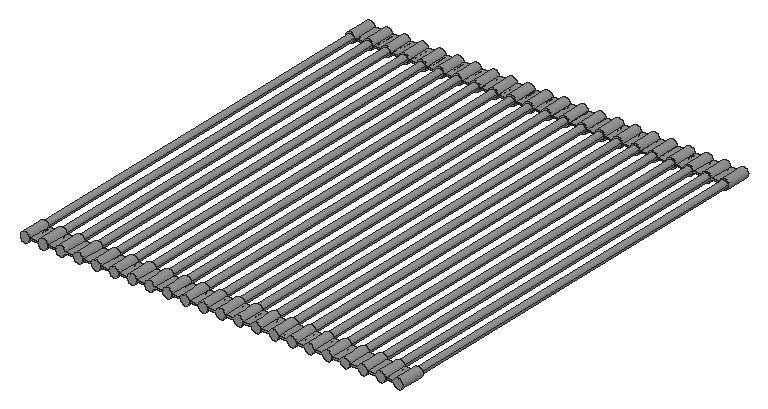
Revit family "ALMA-Zander_Roll_Mat", category Specialty Equipment, Revit 2026
Family settings
  Round Connector Dimension = Use Diameter
  Part Type = Normal
  Work Plane-Based = No
  Enable Cutting in Views = Yes
  Always vertical = Yes
  Cut with Voids When Loaded = No
  Maintain Annotation Orientation = No
  Shared = No
  Room Calculation Point = No
Parameters (values of type "GUNMETAL (KAGM004)")
  Width = 400 mm
  Thickness = 10 mm
  RollMat_Material = BM_GUNMETAL
  Length = 450 mm
  Grip_Material = BM_MATTE BLACK
  Default Elevation = 0 mm
Types (4, lengths in mm): name | RollMat_Material
  (no name) | BM_GUNMETAL
  STAINLESS STEEL (KACR001) | BM_STAINLESS STEEL
  BRASS GOLD (KAGD002) | BM_BRASS GOLD
  GUNMETAL (KAGM004) | BM_GUNMETAL
Reference planes
  plane 1 "Center (Front/Back)": y = 0
  plane 2: z = 0
  plane 3 "Center (Left/Right)": x = 0
  plane 4: y = 225
  plane 5: y = -225
  plane 6: x = -200
  plane 7: x = 200
  plane 8: z = 5
  plane 9: z = -5
  plane 10: y = -200
  plane 11: y = 200
Forms (mm)
  Extrusion 1, solid, material "BM_GUNMETAL" <- "RollMat_Material"
    sketch origin (190.94, -25, 0) x (1, 0, 0) y (0, 0, 1)
      loop
        circle (-200.19, 0) r 3.5
    from -225 to 175
  Extrusion 2, solid, material "BM_GUNMETAL" <- "RollMat_Material"
    sketch origin (5.19, -25, 0) x (1, 0, 0) y (0, 0, 1)
      loop
        circle (-200.19, 0) r 3.5
    from -225 to 175
  Extrusion 3, solid, material "BM_GUNMETAL" <- "RollMat_Material"
    sketch origin (23.762, -25, 0) x (1, 0, 0) y (0, 0, 1)
      loop
        circle (-200.19, 0) r 3.5
    from -225 to 175
  Extrusion 4, solid, material "BM_GUNMETAL" <- "RollMat_Material"
    sketch origin (42.333, -25, 0) x (1, 0, 0) y (0, 0, 1)
      loop
        circle (-200.19, 0) r 3.5
    from -225 to 175
  Extrusion 5, solid, material "BM_GUNMETAL" <- "RollMat_Material"
    sketch origin (60.904, -25, 0) x (1, 0, 0) y (0, 0, 1)
      loop
        circle (-200.19, 0) r 3.5
    from -225 to 175
  Extrusion 6, solid, material "BM_GUNMETAL" <- "RollMat_Material"
    sketch origin (79.476, -25, 0) x (1, 0, 0) y (0, 0, 1)
      loop
        circle (-200.19, 0) r 3.5
    from -225 to 175
  Extrusion 7, solid, material "BM_GUNMETAL" <- "RollMat_Material"
    sketch origin (98.047, -25, 0) x (1, 0, 0) y (0, 0, 1)
      loop
        circle (-200.19, 0) r 3.5
    from -225 to 175
  Extrusion 8, solid, material "BM_GUNMETAL" <- "RollMat_Material"
    sketch origin (116.619, -25, 0) x (1, 0, 0) y (0, 0, 1)
      loop
        circle (-200.19, 0) r 3.5
    from -225 to 175
  Extrusion 9, solid, material "BM_GUNMETAL" <- "RollMat_Material"
    sketch origin (135.19, -25, 0) x (1, 0, 0) y (0, 0, 1)
      loop
        circle (-200.19, 0) r 3.5
    from -225 to 175
  Extrusion 10, solid, material "BM_GUNMETAL" <- "RollMat_Material"
    sketch origin (153.762, -25, 0) x (1, 0, 0) y (0, 0, 1)
      loop
        circle (-200.19, 0) r 3.5
    from -225 to 175
  Extrusion 11, solid, material "BM_GUNMETAL" <- "RollMat_Material"
    sketch origin (172.333, -25, 0) x (1, 0, 0) y (0, 0, 1)
      loop
        circle (-200.19, 0) r 3.5
    from -225 to 175
  Extrusion 12, solid, material "BM_GUNMETAL" <- "RollMat_Material"
    sketch origin (209.476, -25, 0) x (1, 0, 0) y (0, 0, 1)
      loop
        circle (-200.19, 0) r 3.5
    from -225 to 175
  Extrusion 13, solid, material "BM_GUNMETAL" <- "RollMat_Material"
    sketch origin (228.047, -25, 0) x (1, 0, 0) y (0, 0, 1)
      loop
        circle (-200.19, 0) r 3.5
    from -225 to 175
  Extrusion 14, solid, material "BM_GUNMETAL" <- "RollMat_Material"
    sketch origin (246.619, -25, 0) x (1, 0, 0) y (0, 0, 1)
      loop
        circle (-200.19, 0) r 3.5
    from -225 to 175
  Extrusion 15, solid, material "BM_GUNMETAL" <- "RollMat_Material"
    sketch origin (265.19, -25, 0) x (1, 0, 0) y (0, 0, 1)
      loop
        circle (-200.19, 0) r 3.5
    from -225 to 175
  Extrusion 16, solid, material "BM_GUNMETAL" <- "RollMat_Material"
    sketch origin (283.762, -25, 0) x (1, 0, 0) y (0, 0, 1)
      loop
        circle (-200.19, 0) r 3.5
    from -225 to 175
  Extrusion 17, solid, material "BM_GUNMETAL" <- "RollMat_Material"
    sketch origin (302.333, -25, 0) x (1, 0, 0) y (0, 0, 1)
      loop
        circle (-200.19, 0) r 3.5
    from -225 to 175
  Extrusion 18, solid, material "BM_GUNMETAL" <- "RollMat_Material"
    sketch origin (320.904, -25, 0) x (1, 0, 0) y (0, 0, 1)
      loop
        circle (-200.19, 0) r 3.5
    from -225 to 175
  Extrusion 19, solid, material "BM_GUNMETAL" <- "RollMat_Material"
    sketch origin (339.476, -25, 0) x (1, 0, 0) y (0, 0, 1)
      loop
        circle (-200.19, 0) r 3.5
    from -225 to 175
  Extrusion 20, solid, material "BM_GUNMETAL" <- "RollMat_Material"
    sketch origin (358.047, -25, 0) x (1, 0, 0) y (0, 0, 1)
      loop
        circle (-200.19, 0) r 3.5
    from -225 to 175
  Extrusion 21, solid, material "BM_GUNMETAL" <- "RollMat_Material"
    sketch origin (376.619, -25, 0) x (1, 0, 0) y (0, 0, 1)
      loop
        circle (-200.19, 0) r 3.5
    from -225 to 175
  Extrusion 22, solid, material "BM_GUNMETAL" <- "RollMat_Material"
    sketch origin (395.19, -25, 0) x (1, 0, 0) y (0, 0, 1)
      loop
        circle (-200.19, 0) r 3.5
    from -225 to 175
  Extrusion 23, solid, material "BM_MATTE BLACK" <- "Grip_Material"
    sketch origin (0, 0, 0) x (1, 0, 0) y (0, 0, 1)
      loop
        arc (-190.059, 0.7) -> (-200, 0) -> (-190.059, -0.7) r 4.995
        line (-190.059, -0.7) -> (-181.379, -0.7)
        arc (-181.379, -0.7) -> (-176.433, -4.995) -> (-171.487, -0.7) r 4.995
        line (-171.487, -0.7) -> (-162.808, -0.7)
        arc (-162.808, -0.7) -> (-157.862, -4.995) -> (-152.916, -0.7) r 4.995
        line (-152.916, -0.7) -> (-144.227, -0.7)
        arc (-144.227, -0.7) -> (-139.281, -4.995) -> (-134.335, -0.7) r 4.995
        line (-134.335, -0.7) -> (-125.655, -0.7)
        arc (-125.655, -0.7) -> (-120.709, -4.995) -> (-115.764, -0.7) r 4.995
        line (-115.764, -0.7) -> (-107.074, -0.7)
        arc (-107.074, -0.7) -> (-102.128, -4.995) -> (-97.182, -0.7) r 4.995
        line (-97.182, -0.7) -> (-88.503, -0.7)
        arc (-88.503, -0.7) -> (-83.557, -4.995) -> (-78.611, -0.7) r 4.995
        line (-78.611, -0.7) -> (-69.955, -0.7)
        arc (-69.955, -0.7) -> (-65, -5.034) -> (-60.045, -0.7) r 5
        line (-60.045, -0.7) -> (-51.384, -0.7)
        arc (-51.384, -0.7) -> (-46.446, -5.034) -> (-41.478, -0.734) r 5
        line (-41.478, -0.734) -> (-32.808, -0.734)
        arc (-32.808, -0.734) -> (-27.84, -5.034) -> (-22.902, -0.7) r 5
        line (-22.902, -0.7) -> (-14.241, -0.7)
        arc (-14.241, -0.7) -> (-9.286, -5.034) -> (-4.33, -0.7) r 5
        line (-4.33, -0.7) -> (4.33, -0.7)
        arc (4.33, -0.7) -> (9.286, -5.034) -> (14.241, -0.7) r 5
        line (14.241, -0.7) -> (22.902, -0.7)
        arc (22.902, -0.7) -> (27.857, -5.034) -> (32.812, -0.7) r 5
        line (32.812, -0.7) -> (41.473, -0.7)
        arc (41.473, -0.7) -> (46.429, -5.034) -> (51.384, -0.7) r 5
        line (51.384, -0.7) -> (60.045, -0.7)
        arc (60.045, -0.7) -> (65.017, -5.034) -> (69.96, -0.666) r 5
        line (69.96, -0.666) -> (78.612, -0.666)
        arc (78.612, -0.666) -> (83.554, -5.034) -> (88.527, -0.7) r 5
        line (88.527, -0.7) -> (97.188, -0.7)
        arc (97.188, -0.7) -> (102.143, -5.034) -> (107.098, -0.7) r 5
        line (107.098, -0.7) -> (115.759, -0.7)
        arc (115.759, -0.7) -> (120.714, -5.034) -> (125.67, -0.7) r 5
        line (125.67, -0.7) -> (134.33, -0.7)
        arc (134.33, -0.7) -> (139.286, -5.034) -> (144.241, -0.7) r 5
        line (144.241, -0.7) -> (152.902, -0.7)
        arc (152.902, -0.7) -> (157.857, -5.034) -> (162.812, -0.7) r 5
        line (162.812, -0.7) -> (171.473, -0.7)
        arc (171.473, -0.7) -> (176.429, -5.034) -> (181.384, -0.7) r 5
        line (181.384, -0.7) -> (190.045, -0.7)
        arc (190.045, -0.7) -> (200, -0.069) -> (190.054, 0.7) r 5
        line (190.054, 0.7) -> (181.374, 0.7)
        arc (181.374, 0.7) -> (176.429, 4.966) -> (171.483, 0.7) r 5
        line (171.483, 0.7) -> (162.803, 0.7)
        arc (162.803, 0.7) -> (157.857, 4.966) -> (152.911, 0.7) r 5
        line (152.911, 0.7) -> (144.231, 0.7)
        arc (144.231, 0.7) -> (139.286, 4.966) -> (134.34, 0.7) r 5
        line (134.34, 0.7) -> (125.66, 0.7)
        arc (125.66, 0.7) -> (120.714, 4.966) -> (115.769, 0.7) r 5
        line (115.769, 0.7) -> (107.089, 0.7)
        arc (107.089, 0.7) -> (102.143, 4.966) -> (97.197, 0.7) r 5
        line (97.197, 0.7) -> (88.517, 0.7)
        arc (88.517, 0.7) -> (83.589, 4.966) -> (78.631, 0.734) r 5
        line (78.631, 0.734) -> (69.94, 0.734)
        arc (69.94, 0.734) -> (64.983, 4.966) -> (60.054, 0.7) r 5
        line (60.054, 0.7) -> (51.374, 0.7)
        arc (51.374, 0.7) -> (46.429, 4.966) -> (41.483, 0.7) r 5
        line (41.483, 0.7) -> (32.803, 0.7)
        arc (32.803, 0.7) -> (27.857, 4.966) -> (22.911, 0.7) r 5
        line (22.911, 0.7) -> (14.231, 0.7)
        arc (14.231, 0.7) -> (9.286, 4.966) -> (4.34, 0.7) r 5
        line (4.34, 0.7) -> (-4.34, 0.7)
        arc (-4.34, 0.7) -> (-9.286, 4.966) -> (-14.231, 0.7) r 5
        line (-14.231, 0.7) -> (-22.911, 0.7)
        arc (-22.911, 0.7) -> (-27.874, 4.966) -> (-32.808, 0.666) r 5
        line (-32.808, 0.666) -> (-41.478, 0.666)
        arc (-41.478, 0.666) -> (-46.411, 4.966) -> (-51.374, 0.7) r 5
        line (-51.374, 0.7) -> (-60.054, 0.7)
        arc (-60.054, 0.7) -> (-65, 4.966) -> (-69.946, 0.7) r 5
        line (-69.946, 0.7) -> (-78.611, 0.7)
        arc (-78.611, 0.7) -> (-83.557, 4.995) -> (-88.503, 0.7) r 4.995
        line (-88.503, 0.7) -> (-97.182, 0.7)
        arc (-97.182, 0.7) -> (-102.128, 4.995) -> (-107.074, 0.7) r 4.995
        line (-107.074, 0.7) -> (-115.764, 0.7)
        arc (-115.764, 0.7) -> (-120.709, 4.995) -> (-125.655, 0.7) r 4.995
        line (-125.655, 0.7) -> (-134.335, 0.7)
        arc (-134.335, 0.7) -> (-139.281, 4.995) -> (-144.227, 0.7) r 4.995
        line (-144.227, 0.7) -> (-152.916, 0.7)
        arc (-152.916, 0.7) -> (-157.862, 4.995) -> (-162.808, 0.7) r 4.995
        line (-162.808, 0.7) -> (-171.487, 0.7)
        arc (-171.487, 0.7) -> (-176.433, 4.995) -> (-181.379, 0.7) r 4.995
        line (-181.379, 0.7) -> (-190.059, 0.7)
    from 200 to 225
  Extrusion 24, solid, material "BM_MATTE BLACK" <- "Grip_Material"
    sketch origin (0, 0, 0) x (1, 0, 0) y (0, 0, -1)
      loop
        line (-190.059, -0.7) -> (-181.379, -0.7)
        arc (-181.379, -0.7) -> (-176.433, -4.995) -> (-171.487, -0.7) r 4.995
        line (-171.487, -0.7) -> (-162.808, -0.7)
        arc (-162.808, -0.7) -> (-157.862, -4.995) -> (-152.916, -0.7) r 4.995
        line (-152.916, -0.7) -> (-144.227, -0.7)
        arc (-144.227, -0.7) -> (-139.281, -4.995) -> (-134.335, -0.7) r 4.995
        line (-134.335, -0.7) -> (-125.655, -0.7)
        arc (-125.655, -0.7) -> (-120.709, -4.995) -> (-115.764, -0.7) r 4.995
        line (-115.764, -0.7) -> (-107.074, -0.7)
        arc (-107.074, -0.7) -> (-102.128, -4.995) -> (-97.182, -0.7) r 4.995
        line (-97.182, -0.7) -> (-88.503, -0.7)
        arc (-88.503, -0.7) -> (-83.557, -4.995) -> (-78.611, -0.7) r 4.995
        line (-78.611, -0.7) -> (-69.946, -0.7)
        arc (-69.946, -0.7) -> (-65, -4.966) -> (-60.054, -0.7) r 5
        line (-60.054, -0.7) -> (-51.374, -0.7)
        arc (-51.374, -0.7) -> (-46.411, -4.966) -> (-41.478, -0.666) r 5
        line (-41.478, -0.666) -> (-32.808, -0.666)
        arc (-32.808, -0.666) -> (-27.874, -4.966) -> (-22.911, -0.7) r 5
        line (-22.911, -0.7) -> (-14.231, -0.7)
        arc (-14.231, -0.7) -> (-9.286, -4.966) -> (-4.34, -0.7) r 5
        line (-4.34, -0.7) -> (4.34, -0.7)
        arc (4.34, -0.7) -> (9.286, -4.966) -> (14.231, -0.7) r 5
        line (14.231, -0.7) -> (22.911, -0.7)
        arc (22.911, -0.7) -> (27.857, -4.966) -> (32.803, -0.7) r 5
        line (32.803, -0.7) -> (41.483, -0.7)
        arc (41.483, -0.7) -> (46.429, -4.966) -> (51.374, -0.7) r 5
        line (51.374, -0.7) -> (60.054, -0.7)
        arc (60.054, -0.7) -> (64.983, -4.966) -> (69.94, -0.734) r 5
        line (69.94, -0.734) -> (78.631, -0.734)
        arc (78.631, -0.734) -> (83.589, -4.966) -> (88.517, -0.7) r 5
        line (88.517, -0.7) -> (97.197, -0.7)
        arc (97.197, -0.7) -> (102.143, -4.966) -> (107.089, -0.7) r 5
        line (107.089, -0.7) -> (115.769, -0.7)
        arc (115.769, -0.7) -> (120.714, -4.966) -> (125.66, -0.7) r 5
        line (125.66, -0.7) -> (134.34, -0.7)
        arc (134.34, -0.7) -> (139.286, -4.966) -> (144.231, -0.7) r 5
        line (144.231, -0.7) -> (152.911, -0.7)
        arc (152.911, -0.7) -> (157.857, -4.966) -> (162.803, -0.7) r 5
        line (162.803, -0.7) -> (171.483, -0.7)
        arc (171.483, -0.7) -> (176.429, -4.966) -> (181.374, -0.7) r 5
        line (181.374, -0.7) -> (190.054, -0.7)
        arc (190.054, -0.7) -> (200, 0.069) -> (190.045, 0.7) r 5
        line (190.045, 0.7) -> (181.384, 0.7)
        arc (181.384, 0.7) -> (176.429, 5.034) -> (171.473, 0.7) r 5
        line (171.473, 0.7) -> (162.812, 0.7)
        arc (162.812, 0.7) -> (157.857, 5.034) -> (152.902, 0.7) r 5
        line (152.902, 0.7) -> (144.241, 0.7)
        arc (144.241, 0.7) -> (139.286, 5.034) -> (134.33, 0.7) r 5
        line (134.33, 0.7) -> (125.67, 0.7)
        arc (125.67, 0.7) -> (120.714, 5.034) -> (115.759, 0.7) r 5
        line (115.759, 0.7) -> (107.098, 0.7)
        arc (107.098, 0.7) -> (102.143, 5.034) -> (97.188, 0.7) r 5
        line (97.188, 0.7) -> (88.527, 0.7)
        arc (88.527, 0.7) -> (83.554, 5.034) -> (78.612, 0.666) r 5
        line (78.612, 0.666) -> (69.96, 0.666)
        arc (69.96, 0.666) -> (65.017, 5.034) -> (60.045, 0.7) r 5
        line (60.045, 0.7) -> (51.384, 0.7)
        arc (51.384, 0.7) -> (46.429, 5.034) -> (41.473, 0.7) r 5
        line (41.473, 0.7) -> (32.812, 0.7)
        arc (32.812, 0.7) -> (27.857, 5.034) -> (22.902, 0.7) r 5
        line (22.902, 0.7) -> (14.241, 0.7)
        arc (14.241, 0.7) -> (9.286, 5.034) -> (4.33, 0.7) r 5
        line (4.33, 0.7) -> (-4.33, 0.7)
        arc (-4.33, 0.7) -> (-9.286, 5.034) -> (-14.241, 0.7) r 5
        line (-14.241, 0.7) -> (-22.902, 0.7)
        arc (-22.902, 0.7) -> (-27.84, 5.034) -> (-32.808, 0.734) r 5
        line (-32.808, 0.734) -> (-41.478, 0.734)
        arc (-41.478, 0.734) -> (-46.446, 5.034) -> (-51.384, 0.7) r 5
        line (-51.384, 0.7) -> (-60.045, 0.7)
        arc (-60.045, 0.7) -> (-65, 5.034) -> (-69.955, 0.7) r 5
        line (-69.955, 0.7) -> (-78.611, 0.7)
        arc (-78.611, 0.7) -> (-83.557, 4.995) -> (-88.503, 0.7) r 4.995
        line (-88.503, 0.7) -> (-97.182, 0.7)
        arc (-97.182, 0.7) -> (-102.128, 4.995) -> (-107.074, 0.7) r 4.995
        line (-107.074, 0.7) -> (-115.764, 0.7)
        arc (-115.764, 0.7) -> (-120.709, 4.995) -> (-125.655, 0.7) r 4.995
        line (-125.655, 0.7) -> (-134.335, 0.7)
        arc (-134.335, 0.7) -> (-139.281, 4.995) -> (-144.227, 0.7) r 4.995
        line (-144.227, 0.7) -> (-152.916, 0.7)
        arc (-152.916, 0.7) -> (-157.862, 4.995) -> (-162.808, 0.7) r 4.995
        line (-162.808, 0.7) -> (-171.487, 0.7)
        arc (-171.487, 0.7) -> (-176.433, 4.995) -> (-181.379, 0.7) r 4.995
        line (-181.379, 0.7) -> (-190.059, 0.7)
        arc (-190.059, 0.7) -> (-200, 0) -> (-190.059, -0.7) r 4.995
    from 200 to 225
Lines and regions (mm)
  symbolic lines
    curve 1: circle (-195, 0, 0) r 5 normal (0, -1, 0)
    curve 2: circle (195, 0, 0) r 5 normal (0, -1, 0)
    curve 3: circle (-176.429, 0, 0) r 5 normal (0, -1, 0)
    curve 4: circle (-157.857, 0, 0) r 5 normal (0, -1, 0)
    curve 5: circle (-139.286, 0, 0) r 5 normal (0, -1, 0)
    curve 6: circle (-120.714, 0, 0) r 5 normal (0, -1, 0)
    curve 7: circle (-102.143, 0, 0) r 5 normal (0, -1, 0)
    curve 8: circle (-83.571, 0, 0) r 5 normal (0, -1, 0)
    curve 9: circle (-65, 0, 0) r 5 normal (0, -1, 0)
    curve 10: circle (-46.429, 0, 0) r 5 normal (0, -1, 0)
    curve 11: circle (-27.857, 0, 0) r 5 normal (0, -1, 0)
    curve 12: circle (-9.286, 0, 0) r 5 normal (0, -1, 0)
    curve 13: circle (9.286, 0, 0) r 5 normal (0, -1, 0)
    curve 14: circle (27.857, 0, 0) r 5 normal (0, -1, 0)
    curve 15: circle (46.429, 0, 0) r 5 normal (0, -1, 0)
    curve 16: circle (65, 0, 0) r 5 normal (0, -1, 0)
    curve 17: circle (83.571, 0, 0) r 5 normal (0, -1, 0)
    curve 18: circle (102.143, 0, 0) r 5 normal (0, -1, 0)
    curve 19: circle (120.714, 0, 0) r 5 normal (0, -1, 0)
    curve 20: circle (139.286, 0, 0) r 5 normal (0, -1, 0)
    curve 21: circle (157.857, 0, 0) r 5 normal (0, -1, 0)
    curve 22: circle (176.429, 0, 0) r 5 normal (0, -1, 0)
Text (mm)
  text "Refer to www.buildmat.com.au for the most current product literature. \nAllow a +/- 5mm tolerance for dimensions shown in the product literature. \nPlease note product details are subject to change due to ongoing product development." at (-11.255, -408.323, 0), in view "Ref. Level"
Dimensions and locks
  "Width": plane 6 to plane 7
  "Length": plane 4 to plane 5
  plane 4 to plane 11 to plane 10 to plane 5 = 25 mm, 400 mm, 25 mm
  equal spacing: group 1, group 3, group 4, group 5, group 6, group 7, group 8, group 9, group 10, group 11, group 12, group 13, group 14, group 15, group 16, group 17, group 18, group 19, group 20, group 21, group 22, group 2  (x3)
  equal spacing: plane 4, plane 1 "Center (Front/Back)", plane 5
  equal spacing: plane 6, plane 3 "Center (Left/Right)", plane 7
  "Thickness": plane 8 to plane 9
  aligned and locked: level to plane 2
Automatic sketch dimensions
  Extrusion 1 sketch curve to level = 0 mm
  Extrusion 1 sketch curve to plane 3 "Center (Left/Right)" = 9.25 mm
  Extrusion 2 sketch curve to level = 0 mm
  plane 6 to Extrusion 2 sketch curve = 5 mm
  Extrusion 3 sketch curve to level = 0 mm
  plane 6 to Extrusion 3 sketch curve = 23.571 mm
  Extrusion 4 sketch curve to level = 0 mm
  plane 6 to Extrusion 4 sketch curve = 42.143 mm
  Extrusion 5 sketch curve to level = 0 mm
  plane 6 to Extrusion 5 sketch curve = 60.714 mm
  Extrusion 6 sketch curve to level = 0 mm
  plane 6 to Extrusion 6 sketch curve = 79.286 mm
  Extrusion 7 sketch curve to level = 0 mm
  plane 6 to Extrusion 7 sketch curve = 97.857 mm
  Extrusion 8 sketch curve to level = 0 mm
  Extrusion 8 sketch curve to plane 3 "Center (Left/Right)" = 83.571 mm
  Extrusion 9 sketch curve to level = 0 mm
  Extrusion 9 sketch curve to plane 3 "Center (Left/Right)" = 65 mm
  Extrusion 10 sketch curve to level = 0 mm
  Extrusion 10 sketch curve to plane 3 "Center (Left/Right)" = 46.429 mm
  Extrusion 11 sketch curve to level = 0 mm
  Extrusion 11 sketch curve to plane 3 "Center (Left/Right)" = 27.857 mm
  Extrusion 12 sketch curve to level = 0 mm
  plane 3 "Center (Left/Right)" to Extrusion 12 sketch curve = 9.286 mm
  Extrusion 13 sketch curve to level = 0 mm
  plane 3 "Center (Left/Right)" to Extrusion 13 sketch curve = 27.857 mm
  Extrusion 14 sketch curve to level = 0 mm
  plane 3 "Center (Left/Right)" to Extrusion 14 sketch curve = 46.429 mm
  Extrusion 15 sketch curve to level = 0 mm
  plane 3 "Center (Left/Right)" to Extrusion 15 sketch curve = 65 mm
  Extrusion 16 sketch curve to level = 0 mm
  plane 3 "Center (Left/Right)" to Extrusion 16 sketch curve = 83.571 mm
  Extrusion 17 sketch curve to level = 0 mm
  plane 7 to Extrusion 17 sketch curve = 97.857 mm
  Extrusion 18 sketch curve to level = 0 mm
  plane 7 to Extrusion 18 sketch curve = 79.286 mm
  Extrusion 19 sketch curve to level = 0 mm
  plane 7 to Extrusion 19 sketch curve = 60.714 mm
  Extrusion 20 sketch curve to level = 0 mm
  plane 7 to Extrusion 20 sketch curve = 42.143 mm
  Extrusion 21 sketch curve to level = 0 mm
  plane 7 to Extrusion 21 sketch curve = 23.571 mm
  Extrusion 22 sketch curve to level = 0 mm
  plane 7 to Extrusion 22 sketch curve = 5 mm
  Extrusion 23 sketch curve to Extrusion 23 sketch curve = 0 mm  (x47)
  Extrusion 23 sketch curve to level = 0 mm  (x7)
  plane 6 to Extrusion 23 sketch curve = 4.995 mm
  level to Extrusion 23 sketch curve = 0.7 mm  (x19)
  Extrusion 23 sketch curve to Extrusion 23 sketch curve = 4.946 mm  (x11)
  Extrusion 23 sketch curve to level = 0.7 mm  (x19)
  Extrusion 23 sketch curve to Extrusion 23 sketch curve = 8.68 mm  (x4)
  Extrusion 23 sketch curve to Extrusion 23 sketch curve = 8.689 mm  (x2)
  Extrusion 23 sketch curve to Extrusion 23 sketch curve = 8.656 mm
  Extrusion 23 sketch curve to Extrusion 23 sketch curve = 0.01 mm  (x13)
  Extrusion 23 sketch curve to level = 0.034 mm  (x15)
  Extrusion 23 sketch curve to Extrusion 23 sketch curve = 4.955 mm  (x8)
  Extrusion 23 sketch curve to Extrusion 23 sketch curve = 8.661 mm  (x11)
  Extrusion 23 sketch curve to level = 0.734 mm
  level to Extrusion 23 sketch curve = 0.666 mm
  Extrusion 23 sketch curve to Extrusion 23 sketch curve = 8.67 mm
  Extrusion 23 sketch curve to Extrusion 23 sketch curve = 4.951 mm
  plane 3 "Center (Left/Right)" to Extrusion 23 sketch curve = 4.33 mm
  level to Extrusion 23 sketch curve = 0.734 mm
  Extrusion 23 sketch curve to level = 0.666 mm
  Extrusion 23 sketch curve to Extrusion 23 sketch curve = 8.652 mm
  Extrusion 23 sketch curve to Extrusion 23 sketch curve = 0.019 mm
  Extrusion 23 sketch curve to Extrusion 23 sketch curve = 4.96 mm
  Extrusion 24 sketch curve to Extrusion 24 sketch curve = 0 mm  (x47)
  Extrusion 24 sketch curve to level = 0 mm  (x7)
  plane 6 to Extrusion 24 sketch curve = 4.995 mm
  level to Extrusion 24 sketch curve = 0.7 mm  (x19)
  Extrusion 24 sketch curve to Extrusion 24 sketch curve = 4.946 mm  (x14)
  Extrusion 24 sketch curve to level = 0.7 mm  (x19)
  Extrusion 24 sketch curve to Extrusion 24 sketch curve = 8.68 mm  (x4)
  Extrusion 24 sketch curve to Extrusion 24 sketch curve = 8.689 mm  (x2)
  Extrusion 24 sketch curve to Extrusion 24 sketch curve = 8.656 mm
  Extrusion 24 sketch curve to Extrusion 24 sketch curve = 0.01 mm  (x13)
  Extrusion 24 sketch curve to level = 0.034 mm  (x15)
  Extrusion 24 sketch curve to Extrusion 24 sketch curve = 8.661 mm  (x11)
  Extrusion 24 sketch curve to Extrusion 24 sketch curve = 4.955 mm  (x5)
  Extrusion 24 sketch curve to level = 0.734 mm
  level to Extrusion 24 sketch curve = 0.666 mm
  Extrusion 24 sketch curve to Extrusion 24 sketch curve = 8.67 mm
  Extrusion 24 sketch curve to Extrusion 24 sketch curve = 4.951 mm
  plane 3 "Center (Left/Right)" to Extrusion 24 sketch curve = 4.33 mm
  level to Extrusion 24 sketch curve = 0.734 mm
  Extrusion 24 sketch curve to level = 0.666 mm
  Extrusion 24 sketch curve to Extrusion 24 sketch curve = 8.652 mm
  Extrusion 24 sketch curve to Extrusion 24 sketch curve = 0.019 mm
  Extrusion 24 sketch curve to Extrusion 24 sketch curve = 4.96 mm
  radius of Extrusion 1 sketch curve = 3.5 mm
  radius of Extrusion 2 sketch curve = 3.5 mm
  radius of Extrusion 3 sketch curve = 3.5 mm
  radius of Extrusion 4 sketch curve = 3.5 mm
  radius of Extrusion 5 sketch curve = 3.5 mm
  radius of Extrusion 6 sketch curve = 3.5 mm
  radius of Extrusion 7 sketch curve = 3.5 mm
  radius of Extrusion 8 sketch curve = 3.5 mm
  radius of Extrusion 9 sketch curve = 3.5 mm
  radius of Extrusion 10 sketch curve = 3.5 mm
  radius of Extrusion 11 sketch curve = 3.5 mm
  radius of Extrusion 12 sketch curve = 3.5 mm
  radius of Extrusion 13 sketch curve = 3.5 mm
  radius of Extrusion 14 sketch curve = 3.5 mm
  radius of Extrusion 15 sketch curve = 3.5 mm
  radius of Extrusion 16 sketch curve = 3.5 mm
  radius of Extrusion 17 sketch curve = 3.5 mm
  radius of Extrusion 18 sketch curve = 3.5 mm
  radius of Extrusion 19 sketch curve = 3.5 mm
  radius of Extrusion 20 sketch curve = 3.5 mm
  radius of Extrusion 21 sketch curve = 3.5 mm
  radius of Extrusion 22 sketch curve = 3.5 mm
